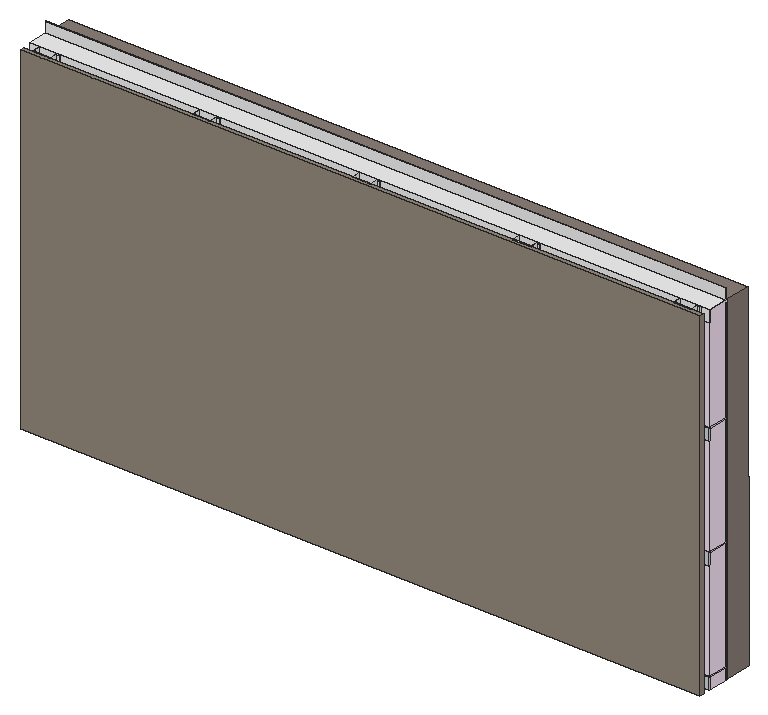
Revit family "Acrytec Panel - Metallic", category Generic Models, Revit 2016
Family settings
  Part Type = Normal
  Can host rebar = No
  Round Connector Dimension = Use Diameter
  Work Plane-Based = No
  Always vertical = Yes
  Cut with Voids When Loaded = No
  Shared = No
  Room Calculation Point = No
Parameters
  panelHeight [instance] = 1220 mm
  Uninsulated Panel Type = not(Insulated Panel Type)  # no
  Insulated Panel Type = yes
  Vertical Girt Spacing [instance] = if(and(PanelWidth > 1799 mm, PanelWidth < 2301 mm), 1, (PanelWidth / 2) / 575 mm) + 1  # 3
  PanelWidth [instance] = 2440 mm
  PanelZGirt [instance] = 75 mm
  PanelThickness [instance] = PanelFinish + PanelZGirt + PanelHatSection  # 115.422 mm
  PanelHatSection [instance] = 25.383 mm
  PanelFinish [instance] = 15.04 mm
  Panel-A-CL-Offset = 382.729 mm
  Horizontal Girt Spacing [instance] = panelHeight / 400 mm  # 3
  Horizontal Girt Length [instance] = PanelWidth  # 2440 mm
  Rosie Red = no
  Gun Metal = no
  Gold Leaf = yes
  Copper = no
  Black Sparkle = no
Reference planes
  plane 1 "Center (Front/Back)": y = 0
  plane 2: z = 0
  plane 3 "Center (Left/Right)": x = 0
  plane 4: y = -75
  plane 5: y = -115.422
  plane 6: z = 1220
  plane 7: y = -100.383
  plane 8: x = -1220
  plane 9: x = 1220
Forms (mm)
  Extrusion 1, solid, material "00 - Metallic_Black Sparkle", visible <- "Black Sparkle"
    sketch origin (0, 0, 0) x (1, 0, 0) y (0, 0, 1)
      loop
        line (-1220, 0) -> (1220, 0) -> (1220, 1220) -> (-1220, 1220) -> (-1220, 0)
    from 100.383 to 115.422
  Extrusion 2, solid, material "2016-31-moisture Membrane", visible <- "Insulated Panel Type"
    sketch origin (0, 0, 0) x (1, 0, 0) y (0, 0, 1)
      loop
        line (-1220, 0) -> (1220, 0) -> (1220, 1220) -> (-1220, 1220) -> (-1220, 0)
    from -1 to 0
  Extrusion 3, solid, material "2016-31-Standard Brick", visible <- "Insulated Panel Type"
    sketch origin (0, 0, 0) x (1, 0, 0) y (0, 0, 1)
      loop
        line (-1220, 0) -> (1220, 0) -> (1220, 1220) -> (-1220, 1220) -> (-1220, 0)
    from -100 to -1
  Extrusion 4, solid, material "00 - Metallic_Copper", visible <- "Copper"
    sketch origin (0, 0, 0) x (1, 0, 0) y (0, 0, 1)
      loop
        line (1220, 0) -> (1220, 1220) -> (-1220, 1220) -> (-1220, 0) -> (1220, 0)
    from 100.383 to 115.422
  Extrusion 5, solid, material "00 - Metallic_Gold Leaf", visible <- "Gold Leaf"
    sketch origin (0, 0, 0) x (1, 0, 0) y (0, 0, 1)
      loop
        line (1220, 0) -> (1220, 1220) -> (-1220, 1220) -> (-1220, 0) -> (1220, 0)
    from 100.383 to 115.422
  Extrusion 6, solid, material "00 - Metallic_Gun Metal", visible <- "Gun Metal"
    sketch origin (0, 0, 0) x (1, 0, 0) y (0, 0, 1)
      loop
        line (1220, 0) -> (1220, 1220) -> (-1220, 1220) -> (-1220, 0) -> (1220, 0)
    from 100.383 to 115.422
  Extrusion 7, solid, material "00 - Metallic_Rosie Red", visible <- "Rosie Red"
    sketch origin (0, 0, 0) x (1, 0, 0) y (0, 0, 1)
      loop
        line (1220, 0) -> (1220, 1220) -> (-1220, 1220) -> (-1220, 0) -> (1220, 0)
    from 100.383 to 115.422
  Extrusion 8, solid, material "2016-31-Galvanized-Aluminum 2014-T4", not visible
    sketch origin (0, 0, 0) x (1, 0, 0) y (0, 1, 0)
      loop
        line (-609.6, -75) -> (-609.6, -100.383) -> (-544.314, -100.383) -> (-544.314, -76) -> (-532.497, -76) -> (-532.497, -75) -> (-545.314, -75) -> (-545.314, -99.383) -> (-608.6, -99.383) -> (-608.6, -75) -> (-609.6, -75)
    from 0 to 2438.4
  Extrusion 9, solid, material "2016-31-Galvanized-Aluminum 2014-T4"
    sketch origin (571.049, 0, 0) x (1, 0, 0) y (0, 1, 0)
      loop
        line (-609.6, -75) -> (-609.6, -100.383) -> (-544.314, -100.383) -> (-544.314, -76) -> (-532.497, -76) -> (-532.497, -75) -> (-545.314, -75) -> (-545.314, -99.383) -> (-608.6, -99.383) -> (-608.6, -75) -> (-609.6, -75)
    from 0 to 1220 <- "panelHeight"
  Extrusion 10, solid, material "2016-31-Galvanized-Aluminum 2014-T4"
    sketch origin (1146.049, 0, 0) x (1, 0, 0) y (0, 1, 0)
      loop
        line (-609.6, -75) -> (-609.6, -100.383) -> (-544.314, -100.383) -> (-544.314, -76) -> (-532.497, -76) -> (-532.497, -75) -> (-545.314, -75) -> (-545.314, -99.383) -> (-608.6, -99.383) -> (-608.6, -75) -> (-609.6, -75)
    from 0 to 1220 <- "panelHeight"
  Extrusion 11, solid, material "2016-31-Galvanized-Aluminum 2014-T4"
    sketch origin (-3.951, 0, 0) x (1, 0, 0) y (0, 1, 0)
      loop
        line (-609.6, -75) -> (-609.6, -100.383) -> (-544.314, -100.383) -> (-544.314, -76) -> (-532.497, -76) -> (-532.497, -75) -> (-545.314, -75) -> (-545.314, -99.383) -> (-608.6, -99.383) -> (-608.6, -75) -> (-609.6, -75)
    from 0 to 1220 <- "panelHeight"
  Extrusion 12, solid, material "2016-31-Rigid Insulation", visible <- "Insulated Panel Type"
    sketch origin (47.064, -614.101, 42.626) x (0, 1, 0) y (-1, 0, 0)
      loop
        line (616.26, 1267.064) -> (542.259, 1267.064) -> (542.259, -1172.936) -> (616.26, -1172.936) -> (616.26, 1267.064)
    from -42.626 to 1177.374
  Extrusion 13, solid, material "2016-31-Galvanized-Aluminum 2014-T4", visible <- "Insulated Panel Type"
    sketch origin (-2162.5, 0, 785) x (0, 1, 0) y (0, 0, 1)
      loop
        line (0, 475) -> (-2.875, 475) -> (-2.875, 437.626) -> (-74.375, 437.626) -> (-74.375, 395) -> (-71.842, 395) -> (-71.842, 435) -> (0, 435) -> (0, 475)
    from 3382.5 to 942.5
  Extrusion 14, solid, material "2016-31-Galvanized-Aluminum 2014-T4", visible <- "Uninsulated Panel Type"
    sketch origin (0, 0, 20) x (0, 1, 0) y (0, 0, 1)
      loop
        line (-99.383, 1180) -> (-96.849, 1180) -> (-96.849, 1200) -> (-74.375, 1200) -> (-74.375, 1222.626) -> (-76.975, 1222.626) -> (-76.975, 1202.626) -> (-99.383, 1202.626) -> (-99.383, 1180)
    from -1220 to 1220
  Extrusion 15, solid, material "2016-31-moisture Membrane", visible <- "Uninsulated Panel Type"
    sketch origin (0, -74.375, 0) x (1, 0, 0) y (0, 0, 1)
      loop
        line (-1220, 0) -> (1220, 0) -> (1220, 1220) -> (-1220, 1220) -> (-1220, 0)
    from -1 to 0
  Extrusion 16, solid, material "2016-31-Standard Brick", visible <- "Uninsulated Panel Type"
    sketch origin (0, -74.375, 0) x (1, 0, 0) y (0, 0, 1)
      loop
        line (-1220, 0) -> (1220, 0) -> (1220, 1220) -> (-1220, 1220) -> (-1220, 0)
    from -100 to -1
  Extrusion 17, solid, material "2016-31-Galvanized-Aluminum 2014-T4"
    sketch origin (1721.049, 0, 0) x (1, 0, 0) y (0, 1, 0)
      loop
        line (-609.6, -75) -> (-609.6, -100.383) -> (-544.314, -100.383) -> (-544.314, -76) -> (-532.497, -76) -> (-532.497, -75) -> (-545.314, -75) -> (-545.314, -99.383) -> (-608.6, -99.383) -> (-608.6, -75) -> (-609.6, -75)
    from 0 to 1220 <- "panelHeight"
  Extrusion 18, solid, material "2016-31-Galvanized-Aluminum 2014-T4"
    sketch origin (-578.951, 0, 0) x (1, 0, 0) y (0, 1, 0)
      loop
        line (-609.6, -75) -> (-609.6, -100.383) -> (-544.314, -100.383) -> (-544.314, -76) -> (-532.497, -76) -> (-532.497, -75) -> (-545.314, -75) -> (-545.314, -99.383) -> (-608.6, -99.383) -> (-608.6, -75) -> (-609.6, -75)
    from 0 to 1220 <- "panelHeight"
Dimensions and locks
  equal spacing: Extrusion 1 sketch curve, plane 3 "Center (Left/Right)", Extrusion 1 sketch curve
  "panelHeight": Extrusion 1 sketch curve to Extrusion 1 sketch curve
  "PanelWidth": Extrusion 1 sketch curve to Extrusion 1 sketch curve
  "panelHeight": plane 6 to level
  "PanelWidth": Extrusion 1 to Extrusion 1
  "PanelFinish": Extrusion 1 to Extrusion 1
  "PanelZGirt": plane 4 to plane 1 "Center (Front/Back)"
  "PanelThickness": plane 5 to plane 1 "Center (Front/Back)"
  "PanelWidth": Extrusion 2 sketch curve to Extrusion 2 sketch curve
  Extrusion 2 sketch curve to Extrusion 2 sketch curve = 1220 mm
  Extrusion 2 sketch curve to Extrusion 2 sketch curve = 2440 mm
  "PanelWidth": Extrusion 3 sketch curve to Extrusion 3 sketch curve
  Extrusion 3 sketch curve to Extrusion 3 sketch curve = 1220 mm
  Extrusion 3 sketch curve to Extrusion 3 sketch curve = 2440 mm
  equal spacing: Extrusion 4 sketch curve, plane 3 "Center (Left/Right)", Extrusion 4 sketch curve
  "panelHeight": Extrusion 4 sketch curve to Extrusion 4 sketch curve
  "PanelWidth": Extrusion 4 sketch curve to Extrusion 4 sketch curve
  equal spacing: Extrusion 5 sketch curve, plane 3 "Center (Left/Right)", Extrusion 5 sketch curve
  "panelHeight": Extrusion 5 sketch curve to Extrusion 5 sketch curve
  "PanelWidth": Extrusion 5 sketch curve to Extrusion 5 sketch curve
  equal spacing: Extrusion 6 sketch curve, plane 3 "Center (Left/Right)", Extrusion 6 sketch curve
  "panelHeight": Extrusion 6 sketch curve to Extrusion 6 sketch curve
  "PanelWidth": Extrusion 6 sketch curve to Extrusion 6 sketch curve
  equal spacing: Extrusion 7 sketch curve, plane 3 "Center (Left/Right)", Extrusion 7 sketch curve
  "panelHeight": Extrusion 7 sketch curve to Extrusion 7 sketch curve
  "PanelWidth": Extrusion 7 sketch curve to Extrusion 7 sketch curve
  equal spacing: plane 9, plane 3 "Center (Left/Right)", plane 8
  "PanelWidth": plane 9 to plane 8
  equal spacing: group 2, group 3, group 8  (x3)
  equal spacing: group 9, group 4, group 2
  equal spacing: group 2, group 4, group 9  (x2)
  equal spacing: group 5, group 6, group 7  (x3)
  Extrusion 2 to Extrusion 12 = 1220 mm
  "PanelWidth": Extrusion 15 sketch curve to Extrusion 15 sketch curve
  Extrusion 15 sketch curve to Extrusion 15 sketch curve = 1220 mm
  Extrusion 15 sketch curve to Extrusion 15 sketch curve = 2440 mm
  "PanelWidth": Extrusion 16 sketch curve to Extrusion 16 sketch curve
  Extrusion 16 sketch curve to Extrusion 16 sketch curve = 1220 mm
  Extrusion 16 sketch curve to Extrusion 16 sketch curve = 2440 mm
  aligned and locked: Extrusion 1 to plane 5
  aligned and locked: Extrusion 1 to plane 2
  aligned and locked: Extrusion 3 to Extrusion 2
  aligned and locked: Extrusion 3 to plane 2
  aligned and locked: Extrusion 1 to Extrusion 3
  aligned and locked: Extrusion 3 to Extrusion 1
  aligned and locked: Extrusion 1 to Extrusion 2
  aligned and locked: Extrusion 2 to plane 2
  aligned and locked: Extrusion 2 to Extrusion 1
  aligned and locked: plane 2 to level
  aligned and locked: plane 6 to Extrusion 3
  aligned and locked: plane 6 to Extrusion 2
  aligned and locked: plane 3 "Center (Left/Right)" to nested 1
  aligned and locked: nested 1 to plane 1 "Center (Front/Back)"
  aligned and locked: Extrusion 1 to Extrusion 12
  aligned and locked: Extrusion 12 to level
  aligned and locked: Extrusion 12 to Extrusion 1  (x2)
  aligned and locked: Extrusion 13 to Extrusion 1  (x2)
  aligned and locked: Extrusion 14 to Extrusion 1  (x2)
  aligned and locked: Extrusion 1 to Extrusion 14
  aligned and locked: Extrusion 16 to Extrusion 15
  aligned and locked: Extrusion 16 to level
  aligned and locked: Extrusion 15 to level
  aligned and locked: Extrusion 16 to Extrusion 1
  aligned and locked: Extrusion 15 to Extrusion 1
  aligned and locked: plane 6 to Extrusion 16
Automatic sketch dimensions
  Extrusion 8 sketch curve to Extrusion 8 sketch curve = 1 mm  (x4)
  Extrusion 8 sketch curve to Extrusion 8 sketch curve = 63.286 mm
  Extrusion 8 sketch curve to Extrusion 8 sketch curve = 11.817 mm
  Extrusion 8 sketch curve to Extrusion 8 sketch curve = 23.383 mm
  Extrusion 8 sketch curve to Extrusion 8 sketch curve = 24.383 mm
  Extrusion 9 sketch curve to Extrusion 9 sketch curve = 1 mm  (x4)
  Extrusion 9 sketch curve to Extrusion 9 sketch curve = 63.286 mm
  Extrusion 9 sketch curve to Extrusion 9 sketch curve = 11.817 mm
  Extrusion 9 sketch curve to Extrusion 9 sketch curve = 23.383 mm
  Extrusion 9 sketch curve to Extrusion 9 sketch curve = 24.383 mm
  Extrusion 10 sketch curve to Extrusion 10 sketch curve = 1 mm  (x4)
  Extrusion 10 sketch curve to Extrusion 10 sketch curve = 63.286 mm
  Extrusion 10 sketch curve to Extrusion 10 sketch curve = 11.817 mm
  Extrusion 10 sketch curve to Extrusion 10 sketch curve = 23.383 mm
  Extrusion 10 sketch curve to Extrusion 10 sketch curve = 24.383 mm
  Extrusion 11 sketch curve to Extrusion 11 sketch curve = 1 mm  (x4)
  Extrusion 11 sketch curve to Extrusion 11 sketch curve = 63.286 mm
  Extrusion 11 sketch curve to Extrusion 11 sketch curve = 11.817 mm
  Extrusion 11 sketch curve to Extrusion 11 sketch curve = 23.383 mm
  Extrusion 11 sketch curve to Extrusion 11 sketch curve = 24.383 mm
  Extrusion 12 sketch curve to plane 9 = 0 mm
  Extrusion 12 sketch curve to plane 8 = 0 mm
  plane 4 to Extrusion 12 sketch curve = 3.159 mm
  Extrusion 12 sketch curve to plane 1 "Center (Front/Back)" = 2.159 mm
  Extrusion 13 sketch curve to plane 6 = 0 mm
  Extrusion 13 sketch curve to plane 1 "Center (Front/Back)" = 0 mm
  plane 1 "Center (Front/Back)" to Extrusion 13 sketch curve = 2.875 mm
  plane 4 to Extrusion 13 sketch curve = 3.158 mm
  plane 4 to Extrusion 13 sketch curve = 0.625 mm
  Extrusion 13 sketch curve to Extrusion 13 sketch curve = 40 mm
  plane 6 to Extrusion 13 sketch curve = 2.626 mm
  Extrusion 13 sketch curve to Extrusion 13 sketch curve = 37.374 mm
  Extrusion 14 sketch curve to plane 6 = 0 mm
  plane 7 to Extrusion 14 sketch curve = 1 mm
  Extrusion 14 sketch curve to Extrusion 14 sketch curve = 2.534 mm
  Extrusion 14 sketch curve to plane 4 = 1.975 mm
  plane 4 to Extrusion 14 sketch curve = 0.625 mm
  Extrusion 14 sketch curve to plane 6 = 20 mm
  plane 6 to Extrusion 14 sketch curve = 2.626 mm
  Extrusion 14 sketch curve to Extrusion 14 sketch curve = 20 mm
  Extrusion 17 sketch curve to Extrusion 17 sketch curve = 1 mm  (x4)
  Extrusion 17 sketch curve to Extrusion 17 sketch curve = 63.286 mm
  Extrusion 17 sketch curve to Extrusion 17 sketch curve = 11.817 mm
  Extrusion 17 sketch curve to Extrusion 17 sketch curve = 23.383 mm
  Extrusion 17 sketch curve to Extrusion 17 sketch curve = 24.383 mm
  Extrusion 18 sketch curve to Extrusion 18 sketch curve = 1 mm  (x4)
  Extrusion 18 sketch curve to Extrusion 18 sketch curve = 63.286 mm
  Extrusion 18 sketch curve to Extrusion 18 sketch curve = 11.817 mm
  Extrusion 18 sketch curve to Extrusion 18 sketch curve = 23.383 mm
  Extrusion 18 sketch curve to Extrusion 18 sketch curve = 24.383 mm
  Extrusion 1 sketch curve to level = 0 mm
  Extrusion 2 sketch curve to plane 6 = 0 mm
  Extrusion 2 sketch curve to plane 8 = 0 mm
  Extrusion 3 sketch curve to plane 6 = 0 mm
  Extrusion 3 sketch curve to plane 8 = 0 mm
  Extrusion 4 sketch curve to level = 0 mm
  Extrusion 5 sketch curve to level = 0 mm
  Extrusion 6 sketch curve to level = 0 mm
  Extrusion 7 sketch curve to level = 0 mm
  Extrusion 15 sketch curve to plane 6 = 0 mm
  Extrusion 15 sketch curve to plane 8 = 0 mm
  Extrusion 16 sketch curve to plane 6 = 0 mm
  Extrusion 16 sketch curve to plane 8 = 0 mm
Nested families
  nested 1: "Horizontal Girt Nested Array" at (0, -37.5, 0), Girt Length <- "PanelWidth", visible <- "Insulated Panel Type", type "Horizontal Girt Nested Array"
    with Girt Length 2440 mm
  nested 2: "Horizontal Girt Nested Array" at (0, -37.5, 400), Girt Length <- "PanelWidth", visible <- "Insulated Panel Type", type "Horizontal Girt Nested Array"
    with Girt Length 2440 mm
  nested 3: "Horizontal Girt Nested Array" at (0, -37.5, 800), Girt Length <- "PanelWidth", visible <- "Insulated Panel Type", type "Horizontal Girt Nested Array"
    with Girt Length 2440 mm
Definition of nested family "Horizontal Girt Nested Array"
  Parameters (values of type "Horizontal Girt Nested Array")
    Girt Length [instance] = 500 mm
  Reference planes
    plane 1 "Center (Front/Back)": y = 0
    plane 2: z = 0
    plane 3 "Center (Left/Right)": x = 0
    plane 4: x = -250
    plane 5: x = 250
    plane 6: z = 3500
  Dimensions and locks
    equal spacing: plane 4, plane 3 "Center (Left/Right)", plane 5
    plane 6 to level = 3500 mm
    "Girt Length": plane 4 to plane 5
    plane 4 to plane 5 = 500 mm
    aligned and locked: level to plane 2
    aligned and locked: plane 4 to nested 1
    aligned and locked: plane 5 to nested 1
  Nested families
    nested 1: "Horizontal Girt" at (0, 0, 0), type "Horizontal Girt"
      with Girt Length 500 mm
  Definition of nested family "Horizontal Girt"
    Parameters (values of type "Horizontal Girt")
      Girt Length [instance] = 4000 mm
    Reference planes
      plane 1 "Center (Front/Back)": y = 0
      plane 2: z = 0
      plane 3 "Center (Left/Right)": x = 0
      plane 4: x = -2000
      plane 5: x = 2000
    Forms (mm)
      Extrusion 1, solid
        sketch origin (0, 0, 0) x (0, 1, 0) y (0, 0, 1)
          loop
            line (-37.5, 43) -> (-37.5, 0) -> (-34.5, 0) -> (-34.5, 40) -> (37.5, 40) -> (37.5, 80) -> (34.5, 80) -> (34.5, 43) -> (-37.5, 43)
        from -2000 to 2000
    Dimensions and locks
      equal spacing: plane 4, plane 3 "Center (Left/Right)", plane 5
      "Girt Length": plane 4 to plane 5
      aligned and locked: level to plane 2
      aligned and locked: Extrusion 1 to plane 4
      aligned and locked: plane 5 to Extrusion 1
    Automatic sketch dimensions
      Extrusion 1 sketch curve to Extrusion 1 sketch curve = 3 mm  (x3)
      Extrusion 1 sketch curve to level = 0 mm
      Extrusion 1 sketch curve to Extrusion 1 sketch curve = 37 mm
      plane 1 "Center (Front/Back)" to Extrusion 1 sketch curve = 37.5 mm
      Extrusion 1 sketch curve to plane 1 "Center (Front/Back)" = 34.5 mm
      level to Extrusion 1 sketch curve = 40 mm
